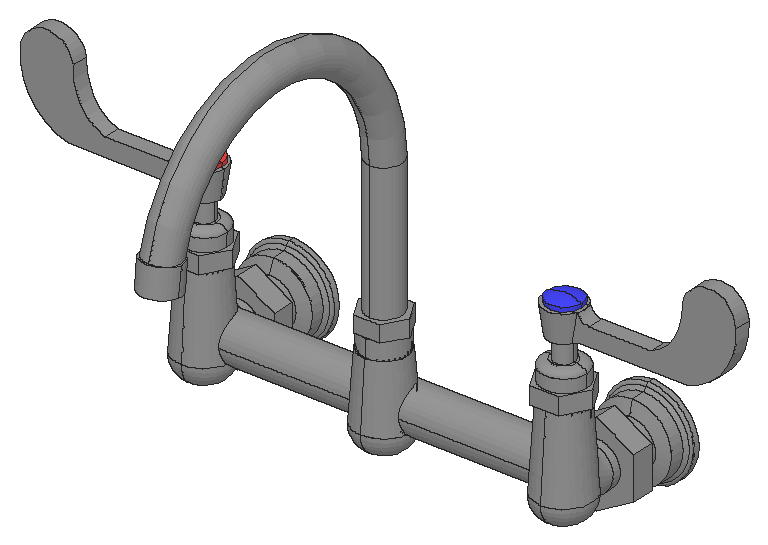
Revit family "Krowne_14-801L-W-E4_WallMount_Faucet", category Plumbing Fixtures, Revit 2018
Family settings
  Round Connector Dimension = Use Diameter
  Part Type = Normal
  OmniClass Number = 23.40.40.00
  OmniClass Title = Food Service Equipment and Furnishings
  Work Plane-Based = No
  Always vertical = Yes
  Cut with Voids When Loaded = No
  Shared = No
  Room Calculation Point = No
Parameters (values of type "14-801L-W-E4")
  Width = 15 7/8"
  Weight in Pounds = 6.5
  Watermarked By = ""
  URL Cutsheet = ""
  URL = "https://krowne.com/"
  Status [instance] = ""
  Specification by User [instance] = ""
  Specification by Manufacturer [instance] = ""
  Serial Number [instance] = ""
  Revision Code [instance] = ""
  Plumbing Remarks [instance] = ""
  Plumbing Connection Type = ""
  NAFEM Spec ID Number [instance] = ""
  Model = "14-801L-W-E4"
  Masterspec [instance] = ""
  Manufacturer = "Krowne Metal"
  Item Number [instance] = "-"
  Installed By [instance] = ""
  Hot Water Temperature = 100 °F
  Hot Water Size = 1/2"
  Hot Water RI Height [instance] = 0"
  Hot Water Flow = 40 GPM
  Hot Water Connection Height = 0"
  Height = 8 5/8"
  Furnished By [instance] = ""
  Foodservice Equipment Identifier = yes
  Description = "Royal Series 8\" Wall Mount Faucet with 6\" Wide Gooseneck Spout & Vandal Resistant Wrist Blades Handles"
  Depth = 6 1/4" + 2 1/2"  # 8 3/4"
  Cold Water Size = 1/2"
  Cold Water RI Height [instance] = 0"
  Cold Water Flow = 40 GPM
  Cold Water Connection Height = 0"
  CSI MasterFormat = ""
  Assembly Code = "E1090300"
Reference planes
  plane 1 "BACK": y = 0
  plane 2: z = 0
  plane 3 "CENTER L/R": x = -319.169
  plane 4: y = -50.8
  plane 5: z = 219.075
  plane 6: y = -25.4
  plane 7: z = 101.6
  plane 8 "CENTER L/S": x = -188.201
  plane 9 "CENTER L/T": x = -450.138
  plane 10: z = 133.35
  plane 11: y = -184.15
Forms (mm)
  Extrusion 1, solid, material "QF_Steel-Chrome-Polished"
    sketch origin (-319, -184.15, 132.386) x (1, 0, 0) y (0, -0.994044, 0.10898)
      loop
        circle (0, 0) r 9.525
      loop
        circle (0, 0) r 11.113
    from 0 to -15.875
  Sweep 2, solid, material "QF_Steel-Chrome-Polished"
    path origin (-319, 304.8, -68.257) x (0, 1, 0) y (0, 0, 1)
      loop
        line (-330.2, 121.438) -> (-330.2, 198.432)
        arc (-330.2, 198.432) -> (-407.987, 277.791) -> (-488.886, 201.607) r 79.375
    profile origin (-319, -25.4, 91.678) x (0, -1, 0) y (1, 0, 0)
      loop
        circle (0, 0) r 9.852
  Extrusion 3, solid, material "QF_Steel-Chrome-Polished"
    sketch origin (-4.763, 37.306, 43.656) x (0, 1, 0) y (-1, 0, 0)
      loop
        line (-62.38, 399.886) -> (-48.419, 407.947) -> (-48.419, 424.067) -> (-62.38, 432.128) -> (-76.34, 424.067) -> (-76.34, 407.947) -> (-62.38, 399.886)
      loop
        line (-62.38, 196.686) -> (-48.419, 204.747) -> (-48.419, 220.867) -> (-62.38, 228.928) -> (-76.34, 220.867) -> (-76.34, 204.747) -> (-62.38, 196.686)
    from 0 to 9.525
  Extrusion 4, solid, material "QF_Steel-Chrome-Polished"
    sketch origin (-4.763, 37.306, -37.306) x (1, 0, 0) y (0, 0, 1)
      loop
        circle (-416.007, 37.306) r 6.35
      loop
        circle (-212.807, 37.306) r 6.35
    from 0 to -6.35
  Revolve 5, solid, material "QF_Steel-Chrome-Polished"
    sketch origin (-420.769, 38.1, -37.306) x (0, 1, 0) y (0, 0, 1)
      loop
        line (0, 37.306) -> (0, 62.706) -> (-3.175, 62.706)
        arc (-3.175, 62.706) -> (-4.298, 62.241) -> (-4.762, 61.119) r 1.588
        line (-4.762, 61.119) -> (-6.75, 59.131) -> (-14.287, 59.131) -> (-16.91, 51.594) -> (-26.987, 51.594) -> (-26.988, 37.306) -> (0, 37.306)
      axis (0, 37.306) -> (-26.988, 37.306)
    angle from 0 to 360
  Revolve 6, solid, material "QF_Steel-Chrome-Polished"
    sketch origin (-217.569, 38.1, -37.306) x (0, 1, 0) y (0, 0, 1)
      loop
        line (0, 37.306) -> (0, 62.706) -> (-3.175, 62.706)
        arc (-3.175, 62.706) -> (-4.298, 62.241) -> (-4.762, 61.119) r 1.588
        line (-4.762, 61.119) -> (-6.75, 59.131) -> (-14.287, 59.131) -> (-16.91, 51.594) -> (-26.987, 51.594) -> (-26.988, 37.306) -> (0, 37.306)
      axis (0, 37.306) -> (-26.988, 37.306)
    angle from 0 to 360
  Extrusion 7, solid, material "QF_Steel-Chrome-Polished"
    sketch origin (-420.769, 11.112, 0) x (0, 0, 1) y (-1, 0, 0)
      loop
        line (11.915, -20.637) -> (23.83, 0) -> (11.915, 20.637) -> (-11.915, 20.637) -> (-23.83, 0) -> (-11.915, -20.637) -> (11.915, -20.637)
      loop
        line (11.915, -223.837) -> (23.83, -203.2) -> (11.915, -182.562) -> (-11.915, -182.562) -> (-23.83, -203.2) -> (-11.915, -223.837) -> (11.915, -223.837)
    from 0 to 12.7
  Sweep 8, solid, material "QF_Steel-Chrome-Polished"
    path origin (-420.769, 37.306, -37.306) x (0, 1, 0) y (0, 0, 1)
      loop
        line (-26.988, 37.306) -> (-43.656, 37.306)
        arc (-43.656, 37.306) -> (-57.127, 42.886) -> (-62.706, 56.356) r 19.05
        line (-62.706, 56.356) -> (-62.706, 80.962)
    profile origin (-420.769, 1.984, 0) x (0, 0, -1) y (1, 0, 0)
      loop
        circle (0, 0) r 12.7
  Sweep 9, solid, material "QF_Steel-Chrome-Polished"
    path origin (-217.569, 37.306, -37.306) x (0, 1, 0) y (0, 0, 1)
      loop
        line (-26.988, 37.306) -> (-43.656, 37.306)
        arc (-43.656, 37.306) -> (-57.127, 42.886) -> (-62.706, 56.356) r 19.05
        line (-62.706, 56.356) -> (-62.706, 80.962)
    profile origin (-217.569, 1.984, 0) x (0, 0, -1) y (1, 0, 0)
      loop
        circle (0, 0) r 12.7
  Extrusion 10, solid, material "QF_Steel-Chrome-Polished"
    sketch origin (-420.769, 37.306, -37.306) x (0, 1, 0) y (0, 0, 1)
      loop
        circle (-57.127, 42.886) r 12.7
    from 0 to 203.2
  Sweep 11, solid, material "QF_Steel-Chrome-Polished"
    path origin (-319.169, 37.306, -37.306) x (0, 1, 0) y (0, 0, 1)
      loop
        arc (-56.044, 41.884) -> (-60.961, 48.39) -> (-62.706, 56.356) r 19.05
        line (-62.706, 56.356) -> (-62.706, 80.962)
    profile origin (-319.169, -25.4, 31.353) x (0, -1, 0) y (1, 0, 0)
      loop
        circle (0, 0) r 12.7
  Revolve 12, solid, material "QF_Steel-Chrome-Polished"
    sketch origin (-319.169, 37.306, -56.356) x (0, 1, 0) y (0, 0, 1)
      loop
        line (-62.706, 90.488) -> (-50.006, 90.488) -> (-50.672, 100.013) -> (-62.706, 100.013) -> (-62.706, 90.488)
      axis (-62.706, 90.488) -> (-62.706, 100.013)
    angle from 0 to 360
  Revolve 13, solid, material "QF_Steel-Chrome-Polished"
    sketch origin (-420.769, 37.306, -37.306) x (0, 1, 0) y (0, 0, 1)
      loop
        line (-50.006, 80.962) -> (-62.706, 80.962) -> (-62.706, 20.044) -> (-59.365, 20.044)
        arc (-59.365, 20.044) -> (-50.077, 24.083) -> (-46.696, 33.63) r 12.7
        line (-46.696, 33.63) -> (-50.006, 80.962)
      axis (-62.706, 20.044) -> (-62.706, 80.962)
    angle from 0 to 360
  Revolve 14, solid, material "QF_Steel-Chrome-Polished"
    sketch origin (-217.569, 37.306, -37.306) x (0, 1, 0) y (0, 0, 1)
      loop
        line (-50.006, 80.962) -> (-62.706, 80.962) -> (-62.706, 20.044) -> (-59.365, 20.044)
        arc (-59.365, 20.044) -> (-50.077, 24.083) -> (-46.696, 33.63) r 12.7
        line (-46.696, 33.63) -> (-50.006, 80.962)
      axis (-62.706, 20.044) -> (-62.706, 80.962)
    angle from 0 to 360
  Revolve 15, solid, material "QF_Steel-Chrome-Polished"
    sketch origin (-319.169, 37.306, -37.306) x (0, 1, 0) y (0, 0, 1)
      loop
        line (-49.324, 71.209) -> (-62.706, 71.209) -> (-62.706, 20.044) -> (-59.365, 20.044)
        arc (-59.365, 20.044) -> (-50.077, 24.083) -> (-46.696, 33.63) r 12.7
        line (-46.696, 33.63) -> (-49.324, 71.209)
      axis (-62.706, 20.044) -> (-62.706, 71.209)
    angle from 0 to 360
  Extrusion 16, solid, material "QF_Steel-Chrome-Polished"
    sketch origin (-4.763, 37.306, 43.656) x (0, 1, 0) y (-1, 0, 0)
      loop
        line (-62.38, 300.119) -> (-50.006, 307.263) -> (-50.006, 321.551) -> (-62.38, 328.694) -> (-74.753, 321.551) -> (-74.753, 307.263) -> (-62.38, 300.119)
    from 0 to 9.525
  Revolve 17, solid, material "Plastic-Brass-Red"
    sketch origin (-369.889, -25.065, 28.262) x (1, 0, 0) y (0, 0.003349, 0.999994)
      loop
        arc (-50.8, 68.818) -> (-55.813, 68.299) -> (-60.546, 66.566) r 20.394
        line (-60.546, 66.566) -> (-60.546, 64.436) -> (-50.8, 64.436) -> (-50.8, 68.818)
      axis (-50.8, 68.818) -> (-50.8, 64.436)
    angle from 0 to 360
  Revolve 18, solid, material "Plastic-Brass-Blue"
    sketch origin (-268.289, -25.065, 28.262) x (-1, 0, 0) y (0, -0.003349, -0.999994)
      loop
        line (-50.8, -68.818) -> (-50.8, -64.4) -> (-60.546, -64.4) -> (-60.546, -66.566)
        arc (-60.546, -66.566) -> (-55.813, -68.299) -> (-50.8, -68.818) r 20.394
      axis (-50.8, -68.818) -> (-50.8, -64.4)
    angle from 0 to 360
  Revolve 19, solid, material "QF_Steel-Chrome-Polished"
    sketch origin (-268.369, -25.073, 41.462) x (-1, 0, 0) y (0, 0, -1)
      loop
        line (-50.8, -50.906) -> (-50.8, -11.719) -> (-63.5, -11.719) -> (-63.5, -18.828)
        spline (-63.5, -18.828) -> (-63.411, -19.303) -> (-63.254, -19.744) -> (-63.027, -20.151) -> (-62.733, -20.522) -> (-62.369, -20.859) -> (-61.937, -21.161) -> (-61.437, -21.429) -> (-60.868, -21.662) -> (-60.23, -21.86) -> (-59.523, -22.023) -> (-58.748, -22.152) -> (-57.905, -22.246)
        line (-57.905, -22.246) -> (-56.358, -22.246) -> (-56.358, -34.379) -> (-59.706, -34.379) -> (-62.183, -50.906) -> (-50.8, -50.906)
      axis (-50.8, -50.906) -> (-50.8, -11.719)
    angle from 0 to 360
  Extrusion 20, solid, material "QF_Steel-Chrome-Polished"
    sketch origin (-369.969, -25.073, 12.514) x (1, 0, 0) y (0, 0, 1)
      loop
        line (-68.431, 75.532) -> (-103.557, 75.532)
        spline (-103.557, 75.532) -> (-106.504, 76.784) -> (-109.166, 78.285) -> (-111.55, 80.027) -> (-113.66, 82.005) -> (-115.502, 84.211) -> (-117.081, 86.637) -> (-118.402, 89.278) -> (-119.471, 92.125) -> (-120.294, 95.172) -> (-120.875, 98.413) -> (-121.219, 101.839) -> (-121.333, 105.444)
        arc (-121.333, 105.444) -> (-137.37, 118.301) -> (-151.365, 103.245) r 15.096
        arc (-151.365, 103.245) -> (-144.616, 79.043) -> (-123.684, 65.146) r 36.007
        line (-123.684, 65.146) -> (-64.018, 65.146)
        arc (-64.018, 65.146) -> (-61.798, 64.807) -> (-59.78, 63.821) r 7.441
        line (-59.78, 63.821) -> (-50.8, 63.821) -> (-50.8, 79.891) -> (-62.188, 79.891)
        arc (-62.188, 79.891) -> (-64.624, 76.73) -> (-68.431, 75.532) r 6.651
    from -4.471 to 4.471
  Extrusion 21, solid, material "QF_Steel-Chrome-Polished"
    sketch origin (-268.369, -25.073, 12.514) x (-1, 0, 0) y (0, 0, -1)
      loop
        arc (-68.431, -75.532) -> (-64.624, -76.73) -> (-62.188, -79.891) r 6.651
        line (-62.188, -79.891) -> (-50.8, -79.891) -> (-50.8, -63.821) -> (-59.78, -63.821)
        arc (-59.78, -63.821) -> (-61.798, -64.807) -> (-64.018, -65.146) r 7.441
        line (-64.018, -65.146) -> (-123.684, -65.146)
        arc (-123.684, -65.146) -> (-144.616, -79.043) -> (-151.365, -103.245) r 36.007
        arc (-151.365, -103.245) -> (-137.37, -118.301) -> (-121.333, -105.444) r 15.096
        spline (-121.333, -105.444) -> (-121.219, -101.839) -> (-120.875, -98.413) -> (-120.294, -95.172) -> (-119.471, -92.125) -> (-118.402, -89.278) -> (-117.081, -86.637) -> (-115.502, -84.211) -> (-113.66, -82.005) -> (-111.55, -80.027) -> (-109.166, -78.285) -> (-106.504, -76.784) -> (-103.557, -75.532)
        line (-103.557, -75.532) -> (-68.431, -75.532)
    from -4.471 to 4.471
  Revolve 22, solid, material "QF_Steel-Chrome-Polished"
    sketch origin (-369.969, -25.073, 41.462) x (1, 0, 0) y (0, 0, 1)
      loop
        line (-50.8, 50.906) -> (-62.183, 50.906) -> (-59.706, 34.379) -> (-56.358, 34.379) -> (-56.358, 22.246) -> (-57.905, 22.246)
        spline (-57.905, 22.246) -> (-58.748, 22.152) -> (-59.523, 22.023) -> (-60.23, 21.86) -> (-60.868, 21.662) -> (-61.437, 21.429) -> (-61.937, 21.161) -> (-62.369, 20.859) -> (-62.733, 20.522) -> (-63.027, 20.151) -> (-63.254, 19.744) -> (-63.411, 19.303) -> (-63.5, 18.828)
        line (-63.5, 18.828) -> (-63.5, 11.719) -> (-50.8, 11.719) -> (-50.8, 50.906)
      axis (-50.8, 50.906) -> (-50.8, 11.719)
    angle from 0 to 360
Cuts and joins
  joined: Extrusion 7, Sweep 9, Sweep 11, Revolve 13, Revolve 15
  joined: Extrusion 1, Sweep 2
Lines and regions (mm)
  symbolic lines
    curve 1: arc (-328.461, -25.4, 0) -> (-318.513, -15.654, 0) -> (-309.475, -26.249, 0) r 9.525
    curve 2: arc (-328.525, -177.8, 0) -> (-325.735, -184.535, 0) -> (-319, -187.325, 0) r 9.525
    curve 3: arc (-319, -187.325, 0) -> (-312.265, -184.535, 0) -> (-309.475, -177.8, 0) r 9.525
    curve 4: line (-328.525, -177.8, 0) -> (-328.525, -25.4, 0)
    curve 5: line (-309.475, -26.249, 0) -> (-309.475, -177.8, 0)
    curve 6: line (-333.457, -25.073, 74.612) -> (-329.459, -31.997, 74.612)
    curve 7: line (-309.475, -33.029, 74.612) -> (-304.882, -25.073, 74.612)
    curve 8: line (-304.882, -25.073, 74.612) -> (-312.026, -12.7, 74.612)
    curve 9: line (-312.026, -12.7, 74.612) -> (-326.313, -12.7, 74.612)
    curve 10: line (-326.313, -12.7, 74.612) -> (-333.457, -25.073, 74.612)
    curve 11: line (-192.169, 37.306, 74.612) -> (-242.969, 37.306, 74.612)
    curve 12: line (-192.169, 37.306, 74.612) -> (-192.169, 34.131, 74.612)
    curve 13: line (-195.745, 30.556, 74.612) -> (-193.757, 32.544, 74.612)
    curve 14: arc (-193.757, 32.544, 74.612) -> (-192.634, 33.009, 74.612) -> (-192.169, 34.131, 74.612) r 1.588
    curve 15: line (-195.745, 30.556, 74.612) -> (-195.745, 23.019, 74.612)
    curve 16: line (-195.745, 23.019, 74.612) -> (-204.869, 19.844, 74.612)
    curve 17: line (-204.869, 19.844, 74.612) -> (-204.869, 10.319, 74.612)
    curve 18: line (-204.869, 10.319, 74.612) -> (-196.932, 10.319, 74.612)
    curve 19: line (-196.932, 10.319, 74.612) -> (-196.932, -2.381, 74.612)
    curve 20: line (-196.932, -2.381, 74.612) -> (-238.207, -2.381, 74.612)
    curve 21: line (-204.858, -2.381, 74.612) -> (-204.858, -16.754, 74.612)
    curve 22: line (-242.969, 37.306, 74.612) -> (-242.969, 34.131, 74.612)
    curve 23: line (-239.394, 30.556, 74.612) -> (-241.382, 32.544, 74.612)
    curve 24: arc (-241.382, 32.544, 74.612) -> (-242.504, 33.009, 74.612) -> (-242.969, 34.131, 74.612) r 1.588
    curve 25: line (-239.394, 30.556, 74.612) -> (-239.394, 23.019, 74.612)
    curve 26: line (-239.394, 23.019, 74.612) -> (-230.269, 19.844, 74.612)
    curve 27: line (-230.269, 19.844, 74.612) -> (-230.269, 10.319, 74.612)
    curve 28: line (-204.869, 10.319, 74.612) -> (-238.207, 10.319, 74.612)
    curve 29: line (-238.207, 10.319, 74.612) -> (-238.207, -2.381, 74.612)
    curve 30: line (-230.281, -2.381, 74.612) -> (-230.281, -7.197, 74.612)
    curve 31: line (-408.058, -7.197, 74.612) -> (-230.281, -7.197, 74.612)
    curve 32: line (-410.291, -31.997, 74.612) -> (-329.459, -31.997, 74.612)
    curve 33: line (-308.317, -31.997, 74.612) -> (-229.693, -31.997, 74.612)
    curve 34: arc (-217.569, -34.925, 63.5) -> (-208.044, -25.4, 63.5) -> (-217.569, -15.875, 63.5) r 9.525
    curve 35: arc (-217.569, -15.875, 63.5) -> (-227.094, -25.4, 63.5) -> (-217.569, -34.925, 63.5) r 9.525
    curve 36: arc (-223.3, -8.965, 63.5) -> (-226.62, -7.407, 63.5) -> (-230.281, -7.197, 63.5) r 9.664
    curve 37: line (-446.169, 37.306, 74.612) -> (-395.369, 37.306, 74.612)
    curve 38: line (-446.169, 37.306, 74.612) -> (-446.169, 34.131, 74.612)
    curve 39: line (-442.594, 30.556, 74.612) -> (-444.582, 32.544, 74.612)
    curve 40: arc (-444.582, 32.544, 74.612) -> (-445.704, 33.009, 74.612) -> (-446.169, 34.131, 74.612) r 1.588
    curve 41: line (-442.594, 30.556, 74.612) -> (-442.594, 23.019, 74.612)
    curve 42: line (-442.594, 23.019, 74.612) -> (-433.469, 19.844, 74.612)
    curve 43: line (-433.469, 19.844, 74.612) -> (-433.469, 10.319, 74.612)
    curve 44: line (-433.469, 10.319, 74.612) -> (-441.407, 10.319, 74.612)
    curve 45: line (-441.407, 10.319, 74.612) -> (-441.407, -2.381, 74.612)
    curve 46: line (-433.481, -2.381, 74.612) -> (-433.481, -16.754, 74.612)
    curve 47: line (-395.369, 37.306, 74.612) -> (-395.369, 34.131, 74.612)
    curve 48: line (-398.945, 30.556, 74.612) -> (-396.957, 32.544, 74.612)
    curve 49: arc (-396.957, 32.544, 74.612) -> (-395.834, 33.009, 74.612) -> (-395.369, 34.131, 74.612) r 1.588
    curve 50: line (-398.945, 30.556, 74.612) -> (-398.945, 23.019, 74.612)
    curve 51: line (-398.945, 23.019, 74.612) -> (-408.069, 19.844, 74.612)
    curve 52: line (-408.069, 19.844, 74.612) -> (-408.069, 10.319, 74.612)
    curve 53: line (-433.469, 10.319, 74.612) -> (-400.132, 10.319, 74.612)
    curve 54: line (-400.132, 10.319, 74.612) -> (-400.132, -2.381, 74.612)
    curve 55: line (-400.132, -2.381, 74.612) -> (-441.407, -2.381, 74.612)
    curve 56: line (-408.058, -2.381, 74.612) -> (-408.058, -7.197, 74.612)
    curve 57: line (-209.509, -11.113, 63.5) -> (-225.63, -11.113, 63.5)
    curve 58: line (-204.03, -20.602, 63.5) -> (-209.509, -11.113, 63.5)
    curve 59: line (-209.509, -39.034, 63.5) -> (-204.03, -29.544, 63.5)
    curve 60: line (-225.63, -39.034, 63.5) -> (-209.509, -39.034, 63.5)
    curve 61: line (-233.69, -25.073, 63.5) -> (-225.63, -39.034, 63.5)
    curve 62: line (-225.63, -11.113, 63.5) -> (-233.69, -25.073, 63.5)
    curve 63: line (-117.005, -20.602, 63.5) -> (-209.341, -20.602, 63.5)
    curve 64: line (-208.993, -29.544, 63.5) -> (-117.005, -29.544, 63.5)
    curve 65: line (-147.037, -20.602, 63.5) -> (-147.037, -29.544, 63.5)
    curve 66: line (-117.005, -29.544, 63.5) -> (-117.005, -20.602, 63.5)
    curve 67: line (-164.813, -29.544, 63.5) -> (-164.813, -20.602, 63.5)
    curve 68: arc (-232.031, -31.997, 63.5) -> (-216.077, -41.296, 63.5) -> (-201.833, -29.544, 63.5) r 16.145
    curve 69: arc (-201.908, -20.602, 63.5) -> (-203.107, -17.664, 63.5) -> (-204.858, -15.018, 63.5) r 16.145
    curve 70: arc (-420.769, -34.925, 63.5) -> (-430.294, -25.4, 63.5) -> (-420.769, -15.875, 63.5) r 9.525
    curve 71: arc (-420.769, -15.875, 63.5) -> (-411.244, -25.4, 63.5) -> (-420.769, -34.925, 63.5) r 9.525
    curve 72: arc (-415.039, -8.965, 63.5) -> (-411.719, -7.407, 63.5) -> (-408.058, -7.197, 63.5) r 9.664
    curve 73: line (-428.83, -11.113, 63.5) -> (-412.709, -11.113, 63.5)
    curve 74: line (-434.309, -20.602, 63.5) -> (-428.83, -11.113, 63.5)
    curve 75: line (-428.83, -39.034, 63.5) -> (-434.309, -29.544, 63.5)
    curve 76: line (-412.709, -39.034, 63.5) -> (-428.83, -39.034, 63.5)
    curve 77: line (-404.649, -25.073, 63.5) -> (-412.709, -39.034, 63.5)
    curve 78: line (-412.709, -11.113, 63.5) -> (-404.649, -25.073, 63.5)
    curve 79: line (-521.334, -20.602, 63.5) -> (-428.998, -20.602, 63.5)
    curve 80: line (-429.346, -29.544, 63.5) -> (-521.334, -29.544, 63.5)
    curve 81: line (-491.302, -20.602, 63.5) -> (-491.302, -29.544, 63.5)
    curve 82: line (-521.334, -29.544, 63.5) -> (-521.334, -20.602, 63.5)
    curve 83: line (-473.526, -29.544, 63.5) -> (-473.526, -20.602, 63.5)
    curve 84: arc (-406.308, -31.997, 63.5) -> (-422.262, -41.296, 63.5) -> (-436.505, -29.544, 63.5) r 16.145
    curve 85: arc (-436.43, -20.602, 63.5) -> (-435.232, -17.664, 63.5) -> (-433.481, -15.018, 63.5) r 16.145
Dimensions and locks
  equal spacing: plane 4, plane 6, plane 1 "BACK"
  plane 4 to plane 1 "BACK" = 2"
  plane 5 to level = 8 5/8"  (x2)
  plane 7 to Revolve 6 = 5"
  plane 10 to level = 5 1/4"
  Extrusion 10 to Extrusion 10 = 8"
  Revolve 5 to plane 6 = 2 1/2"
  plane 6 to plane 11 = 6 1/4"
  aligned and locked: level to plane 2
Automatic sketch dimensions
  curve 2 to curve 3 = 0"  (x2)
  plane 6 to curve 4 = 0"
  plane 6 to curve 1 = 0"
  curve 4 to plane 3 "CENTER L/R" = 0.36833"
  plane 3 "CENTER L/R" to curve 3 = 0.00667"
  plane 3 "CENTER L/R" to curve 1 = 0.00909"
  plane 6 to curve 5 = 0.03343"
  curve 1 to plane 6 = 0.00909"
  plane 6 to Extrusion 3 sketch curve = 0.53678"  (x2)
  Extrusion 3 sketch curve to plane 6 = 0.01286"  (x4)
  plane 1 "BACK" to Extrusion 3 sketch curve = 7/16"  (x2)
  Extrusion 3 sketch curve to plane 8 "CENTER L/S" = 0.52158"
  Extrusion 3 sketch curve to Extrusion 3 sketch curve = 0.31733"  (x6)
  Extrusion 3 sketch curve to Extrusion 3 sketch curve = 0.63467"  (x4)
  Extrusion 3 sketch curve to plane 9 "CENTER L/T" = 1.79092"
  Extrusion 4 sketch curve to level = 0"  (x2)
  Extrusion 4 sketch curve to plane 9 "CENTER L/T" = 1 5/32"
  Extrusion 4 sketch curve to plane 8 "CENTER L/S" = 1 5/32"
  Revolve 5 sketch curve to level = 0"  (x2)
  Revolve 5 sketch curve to plane 1 "BACK" = 7/16"
  Revolve 5 sketch curve to Revolve 5 sketch curve = 0.39675"
  Revolve 5 sketch curve to Revolve 5 sketch curve = 0.10325"
  Revolve 5 sketch curve to Revolve 5 sketch curve = 0.29673"  (x2)
  Revolve 5 sketch curve to Revolve 5 sketch curve = 0.07827"  (x2)
  Revolve 5 sketch curve to Revolve 5 sketch curve = 1/16"
  Revolve 5 sketch curve to Revolve 5 sketch curve = 1/8"
  Revolve 5 sketch curve to Revolve 5 sketch curve = 9/16"
  plane 4 to Revolve 5 sketch curve = 1 7/16"
  Revolve 5 sketch curve to Revolve 5 sketch curve = 0"
  Revolve 6 sketch curve to level = 0"  (x2)
  Revolve 6 sketch curve to plane 1 "BACK" = 7/16"
  Revolve 6 sketch curve to Revolve 6 sketch curve = 0.39675"
  Revolve 6 sketch curve to Revolve 6 sketch curve = 0.10325"
  Revolve 6 sketch curve to Revolve 6 sketch curve = 0.29673"  (x2)
  Revolve 6 sketch curve to Revolve 6 sketch curve = 0.07827"  (x2)
  Revolve 6 sketch curve to Revolve 6 sketch curve = 1/16"
  Revolve 6 sketch curve to Revolve 6 sketch curve = 1/8"
  level to Revolve 6 sketch curve = 9/16"
  plane 4 to Revolve 6 sketch curve = 1 7/16"
  Revolve 6 sketch curve to Revolve 6 sketch curve = 0"
  Revolve 5 to Extrusion 7 sketch curve = 0"
  Extrusion 7 sketch curve to Revolve 5 = 0"
  Revolve 5 to Extrusion 7 sketch curve = 8"  (x2)
  Extrusion 7 sketch curve to Extrusion 7 sketch curve = 0"
  Extrusion 7 sketch curve to Extrusion 7 sketch curve = 0.4691"  (x6)
  Extrusion 7 sketch curve to Extrusion 7 sketch curve = 0.93819"  (x4)
  Revolve 5 to Extrusion 7 sketch curve = 7 3/16"
  Revolve 5 to Extrusion 7 sketch curve = 8 13/16"
  Revolve 5 to Extrusion 7 sketch curve = 13/16"
  Extrusion 7 sketch curve to Revolve 5 = 13/16"
  Sweep 8 sketch curve to plane 6 = 0"
  Sweep 8 sketch curve to level = 0"
  plane 1 "BACK" to Sweep 8 sketch curve = 1/4"
  Sweep 8 sketch curve to plane 1 "BACK" = 13/32"
  Sweep 8 sketch curve to Sweep 8 sketch curve = 31/32"
  Sweep 8 sketch curve to profile plane = 0"  (x2)
  Sweep 9 sketch curve to plane 6 = 0"
  Sweep 9 sketch curve to level = 0"
  plane 1 "BACK" to Sweep 9 sketch curve = 1/4"
  Sweep 9 sketch curve to plane 1 "BACK" = 13/32"
  Sweep 9 sketch curve to Sweep 9 sketch curve = 31/32"
  Sweep 9 sketch curve to profile plane = 0"  (x2)
  Extrusion 10 sketch curve to plane 6 = 0.21967"
  level to Extrusion 10 sketch curve = 0.21967"
  Sweep 11 sketch curve to plane 6 = 0"
  plane 1 "BACK" to Sweep 11 sketch curve = 1/4"
  level to Sweep 11 sketch curve = 3/4"
  level to Sweep 11 sketch curve = 0.18022"
  Sweep 11 sketch curve to Sweep 11 sketch curve = 31/32"
  Sweep 11 sketch curve to profile plane = 0"  (x2)
  Revolve 13 sketch curve to plane 6 = 0"  (x2)
  Revolve 13 sketch curve to plane 6 = 0.13153"
  plane 1 "BACK" to Revolve 13 sketch curve = 1/2"
  Revolve 13 sketch curve to level = 0.14474"
  plane 1 "BACK" to Revolve 13 sketch curve = 0.36969"
  Revolve 13 sketch curve to level = 0.17962"
  level to Revolve 13 sketch curve = 1 23/32"
  Revolve 13 sketch curve to Revolve 13 sketch curve = 0.40368"
  Revolve 13 sketch curve to Revolve 13 sketch curve = 0.07103"
  Revolve 14 sketch curve to plane 6 = 0"  (x2)
  Revolve 14 sketch curve to plane 6 = 0.13153"
  plane 1 "BACK" to Revolve 14 sketch curve = 1/2"
  Revolve 14 sketch curve to level = 0.14474"
  plane 1 "BACK" to Revolve 14 sketch curve = 0.36969"
  Revolve 14 sketch curve to level = 0.17962"
  level to Revolve 14 sketch curve = 1 23/32"
  Revolve 14 sketch curve to Revolve 14 sketch curve = 0.40368"
  Revolve 14 sketch curve to Revolve 14 sketch curve = 0.07103"
  Revolve 15 sketch curve to plane 6 = 0"  (x2)
  Revolve 15 sketch curve to plane 6 = 0.13153"
  plane 1 "BACK" to Revolve 15 sketch curve = 0.47315"
  Revolve 15 sketch curve to level = 0.14474"
  plane 1 "BACK" to Revolve 15 sketch curve = 0.36969"
  Revolve 15 sketch curve to level = 0.17962"
  level to Revolve 15 sketch curve = 1.33477"
  Revolve 15 sketch curve to Revolve 15 sketch curve = 0.40368"
  Revolve 15 sketch curve to Revolve 15 sketch curve = 0.45501"
  plane 6 to Extrusion 16 sketch curve = 0.47428"
  Extrusion 16 sketch curve to plane 6 = 0.01286"  (x2)
  plane 1 "BACK" to Extrusion 16 sketch curve = 1/2"
  plane 3 "CENTER L/R" to Extrusion 16 sketch curve = 9/16"
  plane 3 "CENTER L/R" to Extrusion 16 sketch curve = 9/32"  (x2)
  Extrusion 16 sketch curve to plane 3 "CENTER L/R" = 9/32"  (x2)
  Extrusion 16 sketch curve to Extrusion 16 sketch curve = 9/32"
  Revolve 12 sketch curve to plane 6 = 0"  (x2)
  Revolve 12 sketch curve to Revolve 12 sketch curve = 0.47378"
  level to Revolve 12 sketch curve = 1 11/32"
  Revolve 12 sketch curve to Revolve 12 sketch curve = 3/8"
  Revolve 12 sketch curve to Revolve 12 sketch curve = 0"  (x2)
  Revolve 12 sketch curve to Revolve 12 sketch curve = 0.02622"
  Sweep 2 sketch curve to profile plane = 0"  (x2)
  Revolve 17 sketch curve to plane 8 "CENTER L/S" = 9.53678"
  Revolve 17 sketch curve to Revolve 17 sketch curve = 0.3671"
  Revolve 17 sketch curve to Revolve 17 sketch curve = 0.38369"
  Revolve 17 sketch curve to Revolve 17 sketch curve = 0.63024"
  Revolve 17 sketch curve to Revolve 17 sketch curve = 0.08386"
  Revolve 17 sketch curve to Revolve 17 sketch curve = 0"  (x2)
  Revolve 17 sketch curve to Revolve 17 sketch curve = 0.04662"
  Revolve 18 sketch curve to plane 8 "CENTER L/S" = 0.76939"
  Revolve 18 sketch curve to Revolve 18 sketch curve = 0.3671"
  Revolve 18 sketch curve to Revolve 18 sketch curve = 0.38369"
  Revolve 18 sketch curve to Revolve 18 sketch curve = 0.08866"
  Revolve 18 sketch curve to Revolve 18 sketch curve = 0.0853"
  Revolve 18 sketch curve to Revolve 18 sketch curve = 0"  (x2)
  Revolve 18 sketch curve to Revolve 18 sketch curve = 0.04662"
  level to Revolve 19 sketch curve = 2.37362"
  Revolve 19 sketch curve to plane 8 "CENTER L/S" = 21/32"
  Revolve 19 sketch curve to Revolve 19 sketch curve = 0.05186"
  level to Revolve 19 sketch curve = 2.50821"
  Revolve 19 sketch curve to Revolve 19 sketch curve = 0.22028"
  Revolve 19 sketch curve to plane 7 = 1.01412"
  Revolve 19 sketch curve to Revolve 19 sketch curve = 0.07092"
  Revolve 19 sketch curve to Revolve 19 sketch curve = 0.13181"
  Revolve 19 sketch curve to Revolve 19 sketch curve = 0.44814"
  Revolve 19 sketch curve to Revolve 19 sketch curve = 0.65067"
  Revolve 19 sketch curve to Revolve 19 sketch curve = 0.41446"
  Revolve 19 sketch curve to Revolve 19 sketch curve = 0.21883"
  Revolve 19 sketch curve to Revolve 19 sketch curve = 0.10739"
  Revolve 19 sketch curve to Revolve 19 sketch curve = 0.09098"
  plane 7 to Extrusion 20 sketch curve = 0.55744"
  Extrusion 20 sketch curve to plane 8 "CENTER L/S" = 12.52114"
  Extrusion 20 sketch curve to Extrusion 20 sketch curve = 0.49543"
  plane 7 to Extrusion 20 sketch curve = 0.64401"
  Extrusion 20 sketch curve to Extrusion 20 sketch curve = 0.58801"
  plane 7 to Extrusion 20 sketch curve = 0.43782"
  Extrusion 20 sketch curve to Extrusion 20 sketch curve = 0.23017"
  Extrusion 20 sketch curve to plane 7 = 0.53363"
  Extrusion 20 sketch curve to Extrusion 20 sketch curve = 0.79242"
  Extrusion 20 sketch curve to plane 7 = 0.2718"
  Extrusion 20 sketch curve to Extrusion 20 sketch curve = 1.38288"
  Extrusion 20 sketch curve to Extrusion 20 sketch curve = 0.17375"
  Extrusion 20 sketch curve to Extrusion 20 sketch curve = 0.2458"
  Extrusion 20 sketch curve to Extrusion 20 sketch curve = 0.16685"
  Extrusion 20 sketch curve to Extrusion 20 sketch curve = 0.35355"
  Extrusion 20 sketch curve to Extrusion 20 sketch curve = 0.05216"
  plane 7 to Extrusion 21 sketch curve = 0.55744"
  plane 8 "CENTER L/S" to Extrusion 21 sketch curve = 2.20864"
  Extrusion 21 sketch curve to Extrusion 21 sketch curve = 0.49543"
  plane 7 to Extrusion 21 sketch curve = 0.64401"
  Extrusion 21 sketch curve to Extrusion 21 sketch curve = 0.58801"
  plane 7 to Extrusion 21 sketch curve = 0.43782"
  Extrusion 21 sketch curve to Extrusion 21 sketch curve = 0.23017"
  Extrusion 21 sketch curve to plane 7 = 0.53363"
  Extrusion 21 sketch curve to Extrusion 21 sketch curve = 0.79242"
  Extrusion 21 sketch curve to plane 7 = 0.2718"
  Extrusion 21 sketch curve to Extrusion 21 sketch curve = 1.38288"
  Extrusion 21 sketch curve to Extrusion 21 sketch curve = 0.17375"
  Extrusion 21 sketch curve to Extrusion 21 sketch curve = 0.2458"
  Extrusion 21 sketch curve to Extrusion 21 sketch curve = 0.16685"
  Extrusion 21 sketch curve to Extrusion 21 sketch curve = 0.35355"
  Extrusion 21 sketch curve to Extrusion 21 sketch curve = 0.05216"
  level to Revolve 22 sketch curve = 2.37362"
  Revolve 22 sketch curve to plane 8 "CENTER L/S" = 9 21/32"
  Revolve 22 sketch curve to Revolve 22 sketch curve = 0.05186"
  level to Revolve 22 sketch curve = 2.50821"
  Revolve 22 sketch curve to Revolve 22 sketch curve = 0.22028"
  Revolve 22 sketch curve to plane 7 = 1.01412"
  Revolve 22 sketch curve to Revolve 22 sketch curve = 0.07092"
  Revolve 22 sketch curve to Revolve 22 sketch curve = 0.13181"
  Revolve 22 sketch curve to Revolve 22 sketch curve = 0.44814"
  Revolve 22 sketch curve to Revolve 22 sketch curve = 0.41446"
  Revolve 22 sketch curve to Revolve 22 sketch curve = 0.65067"
  Revolve 22 sketch curve to Revolve 22 sketch curve = 0.21883"
  Revolve 22 sketch curve to Revolve 22 sketch curve = 0.09098"
  Revolve 22 sketch curve to Revolve 22 sketch curve = 0.10739"
  plane 6 to curve 6 = 0.25973"
  curve 7 to plane 6 = 0.01286"
  curve 6 to plane 6 = 0.01286"
  plane 1 "BACK" to curve 9 = 1/2"
  plane 1 "BACK" to curve 30 = 0.28336"
  curve 54 to plane 1 "BACK" = 13/32"
  curve 19 to plane 1 "BACK" = 13/32"
  curve 27 to curve 26 = 3/8"
  curve 52 to curve 52 = 3/8"
  curve 17 to curve 17 = 3/8"
  curve 43 to curve 43 = 3/8"
  curve 26 to curve 26 = 1/8"
  curve 16 to curve 15 = 1/8"
  curve 51 to curve 51 = 1/8"
  curve 42 to plane 9 "CENTER L/T" = 0.29702"
  curve 42 to curve 42 = 1/8"
  curve 25 to curve 25 = 0.29673"
  curve 41 to curve 41 = 0.29673"
  curve 50 to curve 48 = 0.29673"
  curve 15 to curve 15 = 0.29673"
  curve 23 to curve 23 = 0.07827"
  curve 39 to plane 9 "CENTER L/T" = 7/32"
  curve 39 to curve 39 = 0.07827"
  curve 13 to plane 8 "CENTER L/S" = 7/32"
  curve 13 to curve 13 = 0.07827"
  curve 48 to curve 48 = 0.07827"
  curve 48 to curve 47 = 1/16"
  curve 14 to curve 12 = 1/16"
  curve 24 to curve 22 = 1/16"
  curve 39 to curve 38 = 1/16"
  curve 12 to curve 11 = 1/8"
  curve 38 to curve 37 = 1/8"
  curve 15 to plane 8 "CENTER L/S" = 0.29702"
  curve 19 to plane 8 "CENTER L/S" = 11/32"
  curve 18 to curve 18 = 5/16"
  curve 16 to curve 26 = 1"
  curve 27 to curve 30 = 0.00047"
  curve 26 to curve 23 = 0.35923"
  curve 23 to curve 24 = 0.07827"
  plane 3 "CENTER L/R" to curve 7 = 9/16"
  plane 3 "CENTER L/R" to curve 9 = 9/32"
  curve 10 to plane 3 "CENTER L/R" = 9/32"
  curve 6 to plane 3 "CENTER L/R" = 0.40512"
  curve 6 to curve 10 = 0.15738"
  curve 49 to curve 50 = 0.07827"
  curve 50 to curve 54 = 0.04673"
  curve 54 to curve 31 = 0.31203"
  curve 50 to curve 51 = 0.35923"
  curve 43 to curve 41 = 0.35923"
  curve 43 to curve 44 = 5/16"
  plane 6 to curve 7 = 0.30034"
  curve 7 to curve 33 = 0.04061"
  curve 46 to plane 6 = 0.34039"
  curve 21 to plane 6 = 0.34039"
  curve 19 to curve 21 = 0.31203"
  curve 33 to curve 30 = 0.02318"
  curve 7 to curve 33 = 0.13525"
  curve 33 to curve 7 = 0.04557"
  curve 31 to curve 32 = 0.08792"
  curve 56 to curve 55 = 1.31297"
  curve 46 to curve 45 = 0.31203"
  curve 30 to curve 29 = 0.31203"
  plane 1 "BACK" to curve 30 = 3/32"
  plane 1 "BACK" to curve 45 = 3/32"
  curve 34 to curve 35 = 0"  (x2)
  curve 68 to curve 69 = 0"  (x2)
  curve 70 to curve 71 = 0"  (x2)
  curve 84 to curve 85 = 0"  (x2)
  plane 6 to curve 71 = 0"
  plane 6 to curve 35 = 0"
  plane 6 to curve 66 = 0.16317"
  plane 6 to curve 82 = 0.16317"
  plane 6 to curve 59 = 0.16317"
  curve 59 to curve 64 = 0.37361"
  curve 75 to curve 80 = 0.37361"
  curve 85 to plane 6 = 0.00774"
  curve 69 to plane 6 = 0.00774"
  curve 62 to plane 6 = 0.01286"
  curve 78 to plane 6 = 0.01286"
  curve 79 to plane 6 = 0.18889"
  curve 63 to plane 6 = 0.18889"
  curve 58 to plane 6 = 0.18889"
  curve 36 to plane 6 = 0.33958"
  curve 72 to plane 6 = 0.33958"
  curve 63 to curve 57 = 0.37361"
  curve 79 to curve 73 = 0.37361"
  plane 8 "CENTER L/S" to curve 64 = 2.80299"
  curve 58 to plane 8 "CENTER L/S" = 0.62321"
  curve 59 to curve 58 = 0"
  curve 59 to curve 60 = 0.21571"
  curve 58 to curve 58 = 0.21571"
  curve 59 to curve 69 = 0.52575"
  curve 68 to curve 35 = 0.00729"
  curve 35 to curve 62 = 0.31733"
  curve 35 to curve 61 = 0.31733"
  curve 57 to curve 36 = 0.13238"
  curve 36 to curve 61 = 0.18496"
  curve 77 to plane 9 "CENTER L/T" = 1.79092"
  curve 78 to curve 72 = 0.18496"
  curve 72 to curve 73 = 0.13238"
  curve 77 to curve 77 = 0.31733"
  curve 72 to curve 70 = 0.44971"
  curve 70 to curve 85 = 0.00729"
  curve 70 to curve 74 = 0.31733"
  curve 70 to curve 75 = 0.31733"
  plane 9 "CENTER L/T" to curve 82 = 2.80299"
  curve 59 to curve 68 = 0"
  plane 6 to curve 84 = 0.25973"
  plane 6 to curve 68 = 0.25973"
  curve 60 to curve 35 = 0.16178"
  curve 75 to curve 70 = 0.16178"
  curve 58 to curve 69 = 0"
  curve 58 to curve 69 = 0.21987"
  curve 74 to curve 85 = 0.21987"
  curve 78 to curve 72 = 0.08453"
  curve 57 to curve 36 = 0.08453"
  curve 78 to curve 72 = 0.15414"
  curve 57 to curve 36 = 0.15414"
  curve 64 to curve 65 = 1.18236"
  curve 65 to curve 67 = 0.69985"
  curve 68 to curve 59 = 0.08649"
  curve 69 to curve 58 = 0.08354"
  curve 36 to curve 57 = 0.09173"
  curve 77 to curve 84 = 0.06533"
  curve 72 to curve 78 = 0.18313"
  curve 73 to curve 85 = 0.18313"
  curve 75 to curve 84 = 0.08649"
  curve 74 to curve 85 = 0.08354"
  plane 9 "CENTER L/T" to curve 83 = 0.92078"
  curve 83 to curve 81 = 0.69985"
  plane 4 to curve 3 = 5"
  Sweep 2 sketch curve to plane 10 = 0"
  Sweep 2 sketch curve to plane 6 = 0"
  Sweep 2 sketch curve to plane 10 = 1/8"
  plane 4 to Sweep 2 sketch curve = 2 1/8"
  Sweep 2 sketch curve to plane 7 = 1 29/32"
  Extrusion 1 sketch curve to Extrusion 1 sketch curve = 0"  (x2)
  plane 3 "CENTER L/R" to Extrusion 1 sketch curve = 0.00667"
  radius of Extrusion 4 sketch curve = 1/4"  (x2)
  radius of Sweep 8 sketch curve = 1/2"
  radius of Sweep 9 sketch curve = 1/2"
  radius of Extrusion 10 sketch curve = 1/2"
  radius of Sweep 11 sketch curve = 1/2"
  radius of Sweep 2 sketch curve = 0.38786"
  radius of Extrusion 1 sketch curve = 3/8"
  radius of Extrusion 1 sketch curve = 7/16"
Connectors
  piping at (-420.769, 43.656, 0), diameter 12.7, driven by "Hot Water Size", driven by "Hot Water Flow"
    settings: on Extrusion 4, index 1, connector inside diameter 24", connector length 0", flow factor 0, pipe flow 40 GPM, pressure drop 0.00 psi, fitting loss kfactor 0, connector angle 0.00°, fixture units 0, engagement length 0", angle of deflection 0.00°, flow configuration 0, flow direction 0, fitting loss method 0, system type 19, joint type 0, gender type 0, connector reference index -1, connector utility 0, adjustable connector no, is connector primary yes, connector description ""
  piping at (-217.569, 43.656, 0), diameter 12.7, driven by "Cold Water Size", driven by "Cold Water Flow"
    settings: on Extrusion 4, index 2, connector inside diameter 24", connector length 0", flow factor 0, pipe flow 40 GPM, pressure drop 0.00 psi, fitting loss kfactor 0, connector angle 0.00°, fixture units 0, engagement length 0", angle of deflection 0.00°, flow configuration 0, flow direction 0, fitting loss method 0, system type 20, joint type 0, gender type 0, connector reference index -1, connector utility 0, adjustable connector no, is connector primary no, connector description ""
